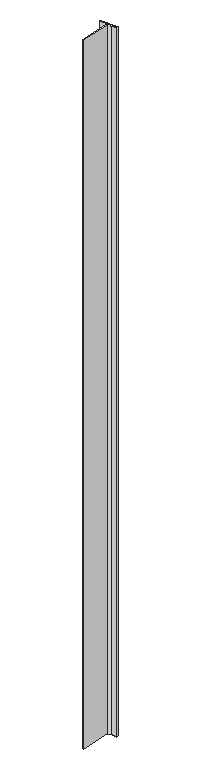
Revit family "M_MT Formas-Coluna", category Pilares estruturais, Revit 2019
Family settings
  Forma do corte = Flange paralelo dividido em I
  Material para o comportamento do modelo = Aço
  Exportar sempre como geometria = Não
  Redução da viga na planta = Da caixa de vinculação
  Family Name Key = M_MT Shapes-Column
  Nome do código = AISC 14.1
  Número OmniClass = 23.25.30.11.14.11
  Título OmniClass = Columns
  ID de item do Seek = MT-Shapes-Column-0000-CAN-ENU
  Corte com vazios quando carregada = Não
  Representação simbólica = Das configurações de projeto
  Compartilhado = Não
  Exibir o pré-corte da família na vista da planta = Sim
Parameters (values of type "MT125X6.7")
  Largura = 68.30 mm
  Espessura da teia = 3.99 mm
  Concordância da teia = 9.07 mm
  Constante da empena = 3710000.0 mm6
  Momento de inércia de torção = 6490.00 mm4
  Structural Material [instance] = Aço, 45-345
  Section Name Key = ""
  Área de corte = 858.0 mm²
  Eixo fraco do módulo plástico = 6600.0 mm³
  Eixo forte do módulo plástico = 29700.0 mm³
  Peso nominal = 6.70 kgf/m
  Eixo fraco do momento de inércia = 140000.00 mm4
  Eixo forte do momento de inércia = 1440000.00 mm4
  Altura = 127.00 mm
  Espessura do flange = 5.23 mm
  Eixo fraco do módulo de elasticidade = 4100.0 mm³
  Eixo forte do módulo de elasticidade = 16400.0 mm³
  Centróide vertical = 87.90 mm
  Centróide horizontal = Largura / 2  # 34.15 mm
  Bolt Spacing = 0 mm
  Assembly Code = ""
Reference planes
  plane 1: y = 0
  plane 2: z = 0
  plane 3: x = 0
  plane 4: y = 39.1
  plane 5: y = -87.9
  plane 6: x = -34.15
  plane 7: x = 34.15
  plane 8: x = -1.995
  plane 9: x = 1.995
  plane 10: y = 33.87
Forms (mm)
  Extrusion 1, solid, material "Aço, 45-345" <- "Structural Material", detail levels medium
    sketch origin (0, 0, 0) x (1, 0, 0) y (0, 1, 0)
      loop
        line (-34.15, 39.1) -> (-34.15, 33.87) -> (-1.995, 33.87) -> (-1.995, -87.9) -> (1.995, -87.9) -> (1.995, 33.87) -> (34.15, 33.87) -> (34.15, 39.1) -> (-34.15, 39.1)
    from 0 to 2500
  Extrusion 2, solid, material "Aço, 45-345" <- "Structural Material", detail levels fine
    sketch origin (0, 0, 0) x (1, 0, 0) y (0, 1, 0)
      loop
        line (34.15, 39.1) -> (-34.15, 39.1) -> (-34.15, 33.87) -> (-11.065, 33.87)
        arc (-11.065, 33.87) -> (-4.652, 31.213) -> (-1.995, 24.8) r 9.07
        line (-1.995, 24.8) -> (-1.995, -87.9) -> (1.995, -87.9) -> (1.995, 24.8)
        arc (1.995, 24.8) -> (4.652, 31.213) -> (11.065, 33.87) r 9.07
        line (11.065, 33.87) -> (34.15, 33.87) -> (34.15, 39.1)
    from 0 to 2500
Lines and regions (mm)
  symbolic lines, style "Faces ocultas", detail levels medium+fine
    curve 1: line (-1.995, 0, 0) -> (-1.995, 0, 2500)
    curve 2: line (1.995, 0, 2500) -> (1.995, 0, 0)
  symbolic lines, style "StructuralColumnStickSymbols", detail levels coarse
    curve 3: line (34.15, 39.1, 0) -> (-34.15, 39.1, 0)
    curve 4: line (0, 39.1, 0) -> (0, -87.9, 0)
Dimensions and locks
  "Altura": plane 5 to plane 4
  equal spacing: plane 6, plane 3, plane 7
  "Largura": plane 6 to plane 7
  equal spacing: plane 8, plane 3, plane 9
  "Espessura da teia": plane 8 to plane 9
  "Espessura do flange": plane 10 to plane 4
  "Centróide vertical": plane 5 to plane 1
  "Concordância da teia": radius of Extrusion 2 sketch curve  (x2)
  aligned and locked: level to plane 2
  aligned and locked: plane 8 to curve 1
  aligned and locked: plane 9 to curve 2
  aligned and locked: plane 2 to curve 1
  aligned and locked: plane 2 to curve 2
  aligned and locked: plane 4 to Extrusion 1 sketch curve
  aligned and locked: Extrusion 1 sketch curve to plane 10  (x2)
  aligned and locked: plane 7 to Extrusion 1 sketch curve
  aligned and locked: plane 6 to Extrusion 1 sketch curve
  aligned and locked: plane 9 to Extrusion 1 sketch curve
  aligned and locked: plane 8 to Extrusion 1 sketch curve
  aligned and locked: Extrusion 1 sketch curve to plane 5
  aligned and locked: Extrusion 2 sketch curve to Extrusion 1  (x6)
  aligned and locked: Extrusion 1 to Extrusion 2 sketch curve  (x2)
  aligned and locked: curve 3 to Extrusion 2
  aligned and locked: Extrusion 1 to curve 4
  aligned and locked: curve 4 to plane 3
  aligned and locked: level to Extrusion 2
  aligned and locked: level to Extrusion 1
  aligned and locked: Extrusion 1 to level
  aligned and locked: Extrusion 2 to level
  aligned and locked: level to curve 2
  aligned and locked: level to curve 1
Automatic sketch dimensions
  curve 3 to plane 6 = 0.00 mm
  curve 3 to plane 7 = 0.00 mm
Types in the file's own list only (13): name | Largura | Espessura da teia | Concordância da teia | Constante da empena | Momento de inércia de torção | Chave do nome do corte | Área de corte | Eixo fraco do módulo plástico | Eixo forte do módulo plástico | Peso nominal | Eixo fraco do momento de inércia | Eixo forte do momento de inércia | Altura | Espessura do flange | Eixo fraco do módulo de elasticidade | Eixo forte do módulo de elasticidade | Centróide vertical | Centróide horizontal | Espaçamento do parafuso
  MT159X9.70 | 95.30 mm | 3.94 mm | 8.51 mm | 7630000.0 mm6 | 10200.00 mm4 | MT 6.25X6.2 | 1170.0 mm² | 13700.0 mm³ | 47900.0 mm³ | 9.70 kgf/m | 416000.00 mm4 | 3030000.00 mm4 | 159.00 mm | 5.79 mm | 8780.0 mm³ | 26400.0 mm³ | 114.80 mm | 47.65 mm | 0.0 mm
  MT159X8.65 | 88.90 mm | 3.94 mm | 8.94 mm | 7200000.0 mm6 | 8570.00 mm4 | MT 6.25X5.8 | 1100.0 mm² | 11200.0 mm³ | 46900.0 mm³ | 8.65 kgf/m | 315000.00 mm4 | 2890000.00 mm4 | 159.00 mm | 5.36 mm | 7080.0 mm³ | 25700.0 mm³ | 112.30 mm | 44.45 mm | 0.0 mm
  MT155X8.8 | 78.00 mm | 4.50 mm | 8.58 mm | 9050000.0 mm6 | 10400.00 mm4 | MT 6X5.9 | 1120.0 mm² | 9420.0 mm³ | 47400.0 mm³ | 8.80 kgf/m | 226000.00 mm4 | 2750000.00 mm4 | 152.00 mm | 5.72 mm | 5800.0 mm³ | 26400.0 mm³ | 104.00 mm | 39.00 mm | 0.0 mm
  MT155X8.05 | 78.00 mm | 4.06 mm | 8.97 mm | 6710000.0 mm6 | 8160.00 mm4 | MT 6X5.4 | 1030.0 mm² | 8720.0 mm³ | 43100.0 mm³ | 8.05 kgf/m | 211000.00 mm4 | 2510000.00 mm4 | 152.00 mm | 5.33 mm | 5410.0 mm³ | 23900.0 mm³ | 104.80 mm | 39.00 mm | 0.0 mm
  MT155X7.45 | 82.60 mm | 3.78 mm | 8.13 mm | 5420000.0 mm6 | 6040.00 mm4 | MT 6X5 | 955.0 mm² | 8340.0 mm³ | 40100.0 mm³ | 7.45 kgf/m | 215000.00 mm4 | 2340000.00 mm4 | 152.00 mm | 4.57 mm | 5210.0 mm³ | 22300.0 mm³ | 104.80 mm | 41.30 mm | 0.0 mm
  MT125X5.95 | 68.30 mm | 3.58 mm | 9.68 mm | 2660000.0 mm6 | 4660.00 mm4 | MT 5X4 | 768.0 mm² | 5800.0 mm³ | 26400.0 mm³ | 5.95 kgf/m | 123000.00 mm4 | 1280000.00 mm4 | 126.00 mm | 4.62 mm | 3610.0 mm³ | 14700.0 mm³ | 87.40 mm | 34.15 mm | 0.0 mm
  MT125X5.6 | 68.30 mm | 3.30 mm | 6.71 mm | 2130000.0 mm6 | 3880.00 mm4 | MT 5X3.75 | 716.0 mm² | 5470.0 mm³ | 24700.0 mm³ | 5.60 kgf/m | 117000.00 mm4 | 1210000.00 mm4 | 127.00 mm | 4.39 mm | 3420.0 mm³ | 13700.0 mm³ | 88.60 mm | 34.15 mm | 0.0 mm
  MT100X4.85 | 57.90 mm | 3.43 mm | 9.50 mm | 1240000.0 mm6 | 3820.00 mm4 | MT 4X3.25 | 619.0 mm² | 4330.0 mm³ | 16600.0 mm³ | 4.85 kgf/m | 78300.00 mm4 | 653000.00 mm4 | 102.00 mm | 4.80 mm | 2700.0 mm³ | 9140.0 mm³ | 72.00 mm | 28.95 mm | 0.0 mm
  MT100X4.6 | 57.90 mm | 3.28 mm | 6.60 mm | 1080000.0 mm6 | 3240.00 mm4 | MT 4X3.1 | 588.0 mm² | 4050.0 mm³ | 15800.0 mm³ | 4.60 kgf/m | 73300.00 mm4 | 624000.00 mm4 | 102.00 mm | 4.50 mm | 2520.0 mm³ | 8730.0 mm³ | 72.00 mm | 28.95 mm | 0.0 mm
  MT75X3.3 | 46.70 mm | 2.90 mm | 5.19 mm | 333000.0 mm6 | 2060.00 mm4 | MT 3X2.2 | 417.0 mm² | 2540.0 mm³ | 7910.0 mm³ | 3.30 kgf/m | 37300.00 mm4 | 241000.00 mm4 | 76.20 mm | 4.34 mm | 1590.0 mm³ | 4390.0 mm³ | 54.80 mm | 23.35 mm | 0.0 mm
  MT75X2.75 | 50.80 mm | 2.49 mm | 4.67 mm | 202000.0 mm6 | 1100.00 mm4 | MT 3X1.85 | 352.0 mm² | 2230.0 mm³ | 6700.0 mm³ | 2.75 kgf/m | 35900.00 mm4 | 201000.00 mm4 | 75.20 mm | 3.28 mm | 1410.0 mm³ | 3700.0 mm³ | 54.20 mm | 25.40 mm | 0.0 mm
  MT65X14.05 | 127.00 mm | 8.03 mm | 10.10 mm | 19700000.0 mm6 | 64900.00 mm4 | MT 2.5X9.45 | 1790.0 mm² | 43600.0 mm³ | 16900.0 mm³ | 14.10 kgf/m | 1810000.00 mm4 | 437000.00 mm4 | 63.50 mm | 10.60 mm | 28500.0 mm³ | 8650.0 mm³ | 50.50 mm | 63.50 mm | 69.9 mm
  MT50X4.45 | 96.50 mm | 3.30 mm | 8.64 mm | 518000.0 mm6 | 3830.00 mm4 | MT 2X3 | 565.0 mm² | 9640.0 mm³ | 3950.0 mm³ | 4.45 kgf/m | 305000.00 mm4 | 86600.00 mm4 | 48.30 mm | 4.06 mm | 6310.0 mm³ | 2180.0 mm³ | 39.64 mm | 48.25 mm | 0.0 mm
